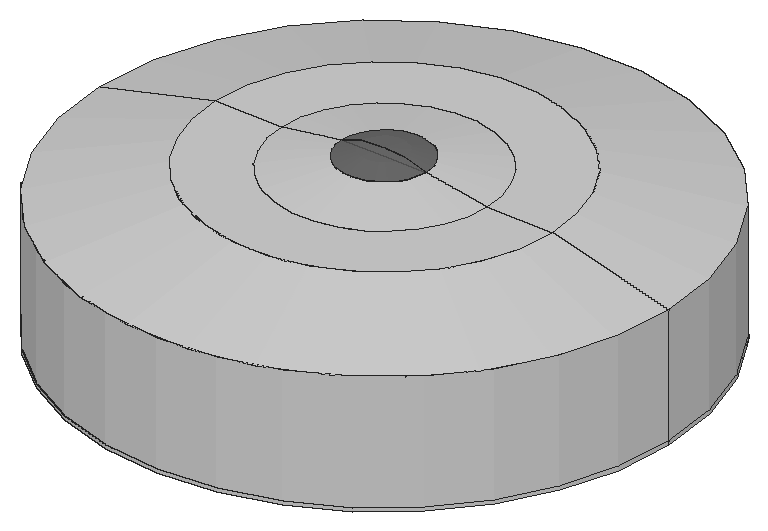
Revit family "Camera-Security-Panasonic-360-degree-Super_Dynamic-Dome-Network-SF438Series", category Security Devices, host Face, Revit 2013
Parameters (values of type "3.1 Megapixels, RJ-45 Connector, WV-SF438")
  z Type = 5
  z Mount Height = 0.03937"
  z Dome Radius = 0.43307"
  z Dome Material = Glass - Panasonic - Smoked
  z Camera Height = 3.625"
  z Base Radius = (Diameter / 2)  # 2.95276"
  z Base Height = 1.73228"
  Wide Dynamic Range (Super Dynamic) = yes
  Weight = 1.02 lbf
  Voltage DC = 12 V
  Vandal Resistant = no
  URL = "http://security.panasonic.com/pss/security/"
  Tilting Range = "-"
  Storage Temperature = "14°F - 122°F"  # constant formula
  Regulatory Compliance = "UL 60950-1, FCC Part15 Class A, C-UL CAN/CSA C22.2 No.60950-1, ICES 003 Class A"
  Provide Feedback = "https://www.surveymonkey.com/s/95FL6QY"
  Product Page URL = "http://security.panasonic.com/pss/security/products/hd/wv-sf438/index.html"
  Product Material = Paint - Panasonic - Sail White
  Product Documentation Link = "http://ssbu-t.psn-web.net/Products/IP_camera/WV-SF438/Specsheet/English/WV-SF438_2A-101CA.pdf"
  Power Active = 6.5 W
  Part Number = Model  # "WV-SF438"
  Part Description = Description  # "Security Camera, 360-degree, Super Dynamic, Dome, Network, SF438"
  Panning Range = "-"
  Original Creation Date = "January, 23, 2015"
  Operational Temperature = "14°F - 122°F"  # constant formula
  Operational Humidity = "90% or less (without condensation)"
  Mounting Positions = "Surface Mount"
  Model Disclaimer = "Contact Panasonic for more information"  # constant formula
  Model = "WV-SF438"
  Minimum Illumination = 1.5 lx
  Manufacturer = "Panasonic"  # constant formula
  Indoor Or Outdoor = "Indoor"
  IP Or Analog = "IP"
  Height = 1.73228"
  Has POE = yes
  Family Version = "1.0.0"  # constant formula
  Equipment Number [instance] = ""
  Equipment Abbreviation = "SC"
  Diameter = 5.90551"
  Description = "Security Camera, 360-degree, Super Dynamic, Dome, Network, SF438"
  Default Elevation = 0.000"
  Day Or Night = "Yes"
  Date Last Modified = "January, 23, 2015"
  Copyright = "Copyright © Panasonic"  # constant formula
  Communication Ports = "10Base-T / 100Base-TX, M12"
  Auto Back Focus = yes
  Audio Out = "Yes"
  Audio In = "Yes"
  Angle Of View = "188"
  Alarm Input Or Output Specification = "ALARM IN 1, ALARM IN 2/ ALARM OUT, ALARM IN 3/ AUX OUT"
Reference planes (in)
  plane 1 "Center (Front/Back)": y = 0
  plane 2: z = 0
  plane 3 "Center (Left/Right)": x = 0
  plane 4: x = -2.95276
  plane 5: x = -0.43307
  plane 6: z = 1.65354
  plane 7: z = 1.25984
  plane 8: x = 2.95276
  plane 9: y = 0.43307
  plane 10: y = -0.43307
  plane 11: z = 0.03937
  plane 12: x = -1.74409
  plane 13: x = -1.06299
  plane 14: x = -2.57087
  plane 15: z = 1.73228
Forms (in)
  Revolve 1, solid, material "Paint - Panasonic - Sail White" <- "Product Material"
    sketch origin (0, 0, 0) x (1, 0, 0) y (0, 0, 1)
      loop
        line (0, 0.03937) -> (0, 1.65354) -> (-0.43637, 1.65354) -> (-1.06299, 1.55118) -> (-1.74409, 1.55118)
        arc (-1.74409, 1.55118) -> (-2.35537, 1.4343) -> (-2.95276, 1.25984) r 6.53872
        line (-2.95276, 1.25984) -> (-2.95276, 0.03937) -> (0, 0.03937)
      axis (0, 0.03937) -> (0, 1.65354)
    angle from 0 to 360
  Revolve 2, solid, material "Glass - Panasonic - Smoked" <- "z Dome Material"
    sketch origin (0, 0, 0.08585) x (1, 0, 0) y (0, 0, 1)
      loop
        line (-0.43637, 1.56769) -> (0, 1.56769) -> (0, 1.64643)
        arc (0, 1.64643) -> (-0.22182, 1.6272) -> (-0.43637, 1.56769) r 1.21122
      axis (0, 1.64643) -> (0, 1.56769)
    angle from 0 to 360
  Revolve 3, solid, material "Paint - Panasonic - Sail White" <- "Product Material"
    sketch origin (0, 0, 0) x (1, 0, 0) y (0, 0, 1)
      loop
        line (-2.95276, 0.03937) -> (-2.95276, 0) -> (0, 0) -> (0, 0.03937) -> (-2.95276, 0.03937)
      axis (0, 0.03937) -> (0, 0)
    angle from 0 to 360
Lines and regions (in)
  Masking region 1
    outline origin (0, 0, 0) x (1, 0, 0) y (0, 1, 0)
      loop
        circle (0, 0) r 2.95276
  symbolic lines, detail levels fine
    curve 1: circle (0, 0, 0) r 0.43307 normal (0, 0, 1)
  reference lines
    curve 2: line (-2.57087, 0, 0.03937) -> (-2.57087, 0, 0)
    curve 3: line (0, 0, 0.03937) -> (-2.57087, 0, 0.03937)
    curve 4: line (0, 0, 0) -> (0, 0, 0.03937)
    curve 5: line (0, 0, 0) -> (-2.57087, 0, 0)
    curve 6: line (0, 0, 2.04724) -> (0, 0, 1.65354)
    curve 7: line (0, 0, 2.04724) -> (0, 0, 1.65354)
    curve 8: line (0, 0, 2.04724) -> (0, 0, 1.65354)
Dimensions and locks (in)
  "z Base Radius": plane 3 "Center (Left/Right)" to plane 4
  plane 6 to plane 7 = 0.3937"
  "z Dome Radius": plane 3 "Center (Left/Right)" to plane 5
  equal spacing: plane 9, plane 1 "Center (Front/Back)", plane 10, locked at 0.43307 each
  locked: plane 9 to plane 1 "Center (Front/Back)" at 0.43307
  "z Mount Height": plane 11 to level
  plane 12 to plane 3 "Center (Left/Right)" = 1.74409"
  plane 4 to plane 8 = 5.90551"
  locked: plane 15 to plane 6 at 0.07874
  "z Base Height": plane 15 to plane 2
  "z Base Radius": radius of Masking region 1 sketch curve
  "z Dome Radius": radius of curve 1
  aligned and locked: plane 2 to host face
  aligned and locked: level to host face
  aligned and locked: Revolve 1 sketch curve to plane 3 "Center (Left/Right)"
  aligned and locked: Revolve 1 sketch curve to plane 4
  aligned and locked: plane 3 "Center (Left/Right)" to curve 3
  aligned and locked: curve 3 to Revolve 1
  aligned and locked: Revolve 3 sketch curve to Revolve 3 sketch curve  (x2)
  aligned and locked: plane 11 to curve 3
  aligned and locked: plane 11 to Revolve 3
  aligned and locked: curve 7 to plane 3 "Center (Left/Right)"
  aligned and locked: plane 6 to Revolve 2
  aligned and locked: Revolve 2 sketch curve to plane 3 "Center (Left/Right)"
Automatic sketch dimensions
  host sketch curve to host sketch curve = 12.67279"
  host sketch curve to host sketch curve = 13.87157"
  Revolve 3 sketch curve to level = 0.000"  (x2)
  plane 4 to Revolve 3 sketch curve = 0.000"
  Revolve 3 sketch curve to plane 3 "Center (Left/Right)" = 0.000"
  level to Revolve 3 sketch curve = 0.03937"
  curve 2 to level = 0.000"
  curve 6 to plane 6 = 0.000"
  curve 8 to plane 3 "Center (Left/Right)" = 0.000"
  curve 8 to plane 6 = 0.000"
  curve 2 to plane 4 = 0.38189"
  curve 7 to plane 6 = 0.3937"
  curve 8 to curve 6 = 0.000"
  Revolve 2 sketch curve to plane 6 = 0.000"
  Revolve 2 sketch curve to plane 3 "Center (Left/Right)" = 0.000"
  Revolve 2 sketch curve to plane 15 = 0.000"
  Revolve 2 sketch curve to plane 5 = 0.0033"
  Revolve 2 sketch curve to plane 3 "Center (Left/Right)" = 0.00673"
  Revolve 2 sketch curve to Revolve 2 sketch curve = 1.18256"
  Revolve 2 sketch curve to Revolve 2 sketch curve = 0.250"
  plane 13 to Revolve 1 sketch curve = 0.000"
  Revolve 1 sketch curve to plane 6 = 0.000"
  Revolve 1 sketch curve to plane 11 = 0.000"
  plane 12 to Revolve 1 sketch curve = 0.000"
  Revolve 1 sketch curve to plane 3 "Center (Left/Right)" = 0.000"
  Revolve 1 sketch curve to plane 7 = 0.000"
  Revolve 1 sketch curve to plane 5 = 0.0033"
  Revolve 1 sketch curve to plane 13 = 0.23984"
  plane 6 to Revolve 1 sketch curve = 0.10237"
  plane 15 to Revolve 1 sketch curve = 0.17126"
  Revolve 1 sketch curve to Revolve 1 sketch curve = 1.32544"
  plane 1 "Center (Front/Back)" to curve 1 = 0.000"
  curve 1 to plane 3 "Center (Left/Right)" = 0.000"
  plane 1 "Center (Front/Back)" to Masking region 1 sketch curve = 0.000"
  Masking region 1 sketch curve to plane 3 "Center (Left/Right)" = 0.000"
Connectors (in)
  electrical at (0, 0, 0), driven by "Power Active", driven by "Voltage DC"
    settings: on Revolve 3, index 2, voltage 12 V, apparent load 6.5 W, apparent load phase1 0.0 W, apparent load phase2 0.0 W, apparent load phase3 0.0 W, power factor 1, load classification "Other", number of poles 1, system type 30, power factor state 1, is connector primary yes, connector utility no, sub classification motor no, connector description "Electrical Connector"
